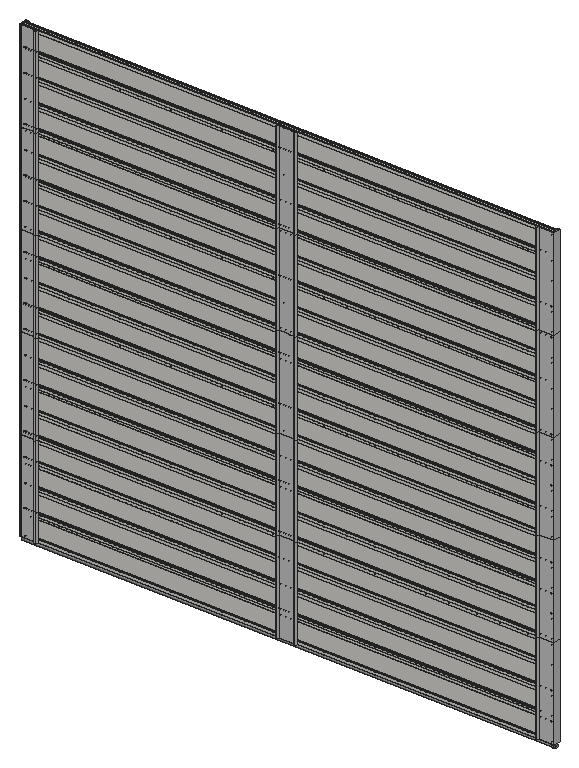
Revit family "GAFS 20H SG", category Doors, host Wall, Revit 2024
Family settings
  Host = Wall
  OmniClass Number = 23.30.10.00
  OmniClass Title = Doors
  Always vertical = Yes
  Cut with Voids When Loaded = No
  Shared = No
  Room Calculation Point = No
Parameters
  Wall Opening [instance] = 4880 mm
  Function = Interior
  Frame Projection Ext. = 25 mm
  Frame Projection Int. = 25 mm
  Frame Width = 75 mm
  Height = 2135 mm
  Wall Closure = By host
  Width = 2440 mm
Reference planes
  plane 1: y = 0
  plane 2 "Center (Left/Right)": x = 0
  plane 3: z = 2135
  plane 4 "Exterior": y = 75
  plane 5 "Interior": y = -75
  plane 6 "Garage Bottom": y = 75
  plane 7 "Garage Top": z = 2170
  plane 8: z = 19.954
  plane 9 "Garage Left": x = 1250
  plane 10 "Garage Right": x = -1250
Forms (mm)
  Extrusion 1, solid, material "STEEL BACK & SIDE PLATES"
    sketch origin (2744.172, 256, 612.954) x (1, 0, 0) y (0, 1, 0)
      loop
        line (-2791.977, -404.804) -> (-2789.506, -414.002) -> (-2782.523, -414.002) -> (-2780.383, -405.996) -> (-2707.961, -405.996) -> (-2705.821, -414.002) -> (-2698.839, -414.002) -> (-2696.367, -404.804) -> (-2697.626, -404.804) -> (-2699.758, -412.802) -> (-2704.9, -412.802) -> (-2707.039, -404.797) -> (-2781.305, -404.797) -> (-2783.444, -412.802) -> (-2788.586, -412.802) -> (-2790.718, -404.804) -> (-2791.977, -404.804)
      loop
        line (-3985.472, -373.2) -> (-3992.972, -373.2) -> (-3992.972, -372) -> (-3991.972, -372)
        arc (-3991.972, -372) -> (-3991.472, -371.5) -> (-3991.972, -371) r 0.5
        line (-3991.972, -371) -> (-3994.172, -371) -> (-3994.172, -406) -> (-3924.955, -406) -> (-3922.812, -414) -> (-3915.811, -414) -> (-3913.363, -404.8) -> (-3914.589, -404.8) -> (-3916.732, -412.8) -> (-3921.891, -412.8) -> (-3924.034, -404.8) -> (-3992.972, -404.8) -> (-3992.972, -374.4) -> (-3980.945, -374.4)
        arc (-3980.945, -374.4) -> (-3980.21, -374.891) -> (-3979.372, -374.607) r 1
        line (-3979.372, -374.607) -> (-3978.819, -374.054)
        arc (-3978.819, -374.054) -> (-3978.71, -373.509) -> (-3979.172, -373.2) r 0.5
        line (-3979.172, -373.2) -> (-3984.272, -373.2) -> (-3984.272, -371) -> (-3986.472, -371)
        arc (-3986.472, -371) -> (-3986.972, -371.5) -> (-3986.472, -372) r 0.5
        line (-3986.472, -372) -> (-3985.472, -372) -> (-3985.472, -373.2)
      loop
        line (-1502.872, -373.2) -> (-1502.872, -372) -> (-1501.872, -372)
        arc (-1501.872, -372) -> (-1501.372, -371.5) -> (-1501.872, -371) r 0.5
        line (-1501.872, -371) -> (-1504.072, -371) -> (-1504.072, -373.2) -> (-1509.172, -373.2)
        arc (-1509.172, -373.2) -> (-1509.634, -373.509) -> (-1509.526, -374.054) r 0.5
        line (-1509.526, -374.054) -> (-1508.972, -374.607)
        arc (-1508.972, -374.607) -> (-1508.135, -374.891) -> (-1507.399, -374.4) r 1
        line (-1507.399, -374.4) -> (-1495.372, -374.4) -> (-1495.372, -404.8) -> (-1564.31, -404.8) -> (-1566.454, -412.8) -> (-1571.612, -412.8) -> (-1573.756, -404.8) -> (-1574.982, -404.8) -> (-1572.533, -414) -> (-1565.533, -414) -> (-1563.389, -406) -> (-1494.172, -406) -> (-1494.172, -371) -> (-1496.372, -371)
        arc (-1496.372, -371) -> (-1496.872, -371.5) -> (-1496.372, -372) r 0.5
        line (-1496.372, -372) -> (-1495.372, -372) -> (-1495.372, -373.2) -> (-1502.872, -373.2)
    from 267.046 to 697.046
  Extrusion 2, solid, material "STEEL BACK & SIDE PLATES"
    sketch origin (2744.172, 256, 182.954) x (1, 0, 0) y (0, 1, 0)
      loop
        line (-2791.977, -404.804) -> (-2789.506, -414.002) -> (-2782.523, -414.002) -> (-2780.383, -405.996) -> (-2707.961, -405.996) -> (-2705.821, -414.002) -> (-2698.839, -414.002) -> (-2696.367, -404.804) -> (-2697.626, -404.804) -> (-2699.758, -412.802) -> (-2704.9, -412.802) -> (-2707.039, -404.797) -> (-2781.305, -404.797) -> (-2783.444, -412.802) -> (-2788.586, -412.802) -> (-2790.718, -404.804) -> (-2791.977, -404.804)
      loop
        line (-3985.472, -373.2) -> (-3992.972, -373.2) -> (-3992.972, -372) -> (-3991.972, -372)
        arc (-3991.972, -372) -> (-3991.472, -371.5) -> (-3991.972, -371) r 0.5
        line (-3991.972, -371) -> (-3994.172, -371) -> (-3994.172, -406) -> (-3924.955, -406) -> (-3922.812, -414) -> (-3915.811, -414) -> (-3913.363, -404.8) -> (-3914.589, -404.8) -> (-3916.732, -412.8) -> (-3921.891, -412.8) -> (-3924.034, -404.8) -> (-3992.972, -404.8) -> (-3992.972, -374.4) -> (-3980.945, -374.4)
        arc (-3980.945, -374.4) -> (-3980.21, -374.891) -> (-3979.372, -374.607) r 1
        line (-3979.372, -374.607) -> (-3978.819, -374.054)
        arc (-3978.819, -374.054) -> (-3978.71, -373.509) -> (-3979.172, -373.2) r 0.5
        line (-3979.172, -373.2) -> (-3984.272, -373.2) -> (-3984.272, -371) -> (-3986.472, -371)
        arc (-3986.472, -371) -> (-3986.972, -371.5) -> (-3986.472, -372) r 0.5
        line (-3986.472, -372) -> (-3985.472, -372) -> (-3985.472, -373.2)
      loop
        line (-1502.872, -373.2) -> (-1502.872, -372) -> (-1501.872, -372)
        arc (-1501.872, -372) -> (-1501.372, -371.5) -> (-1501.872, -371) r 0.5
        line (-1501.872, -371) -> (-1504.072, -371) -> (-1504.072, -373.2) -> (-1509.172, -373.2)
        arc (-1509.172, -373.2) -> (-1509.634, -373.509) -> (-1509.526, -374.054) r 0.5
        line (-1509.526, -374.054) -> (-1508.972, -374.607)
        arc (-1508.972, -374.607) -> (-1508.135, -374.891) -> (-1507.399, -374.4) r 1
        line (-1507.399, -374.4) -> (-1495.372, -374.4) -> (-1495.372, -404.8) -> (-1564.31, -404.8) -> (-1566.454, -412.8) -> (-1571.612, -412.8) -> (-1573.756, -404.8) -> (-1574.982, -404.8) -> (-1572.533, -414) -> (-1565.533, -414) -> (-1563.389, -406) -> (-1494.172, -406) -> (-1494.172, -371) -> (-1496.372, -371)
        arc (-1496.372, -371) -> (-1496.872, -371.5) -> (-1496.372, -372) r 0.5
        line (-1496.372, -372) -> (-1495.372, -372) -> (-1495.372, -373.2) -> (-1502.872, -373.2)
    from 267.046 to 697.046
  Extrusion 3, solid, material "STEEL BACK & SIDE PLATES"
    sketch origin (2744.172, 256, -247.046) x (1, 0, 0) y (0, 1, 0)
      loop
        line (-2791.977, -404.804) -> (-2789.506, -414.002) -> (-2782.523, -414.002) -> (-2780.383, -405.996) -> (-2707.961, -405.996) -> (-2705.821, -414.002) -> (-2698.839, -414.002) -> (-2696.367, -404.804) -> (-2697.626, -404.804) -> (-2699.758, -412.802) -> (-2704.9, -412.802) -> (-2707.039, -404.797) -> (-2781.305, -404.797) -> (-2783.444, -412.802) -> (-2788.586, -412.802) -> (-2790.718, -404.804) -> (-2791.977, -404.804)
      loop
        line (-3985.472, -373.2) -> (-3992.972, -373.2) -> (-3992.972, -372) -> (-3991.972, -372)
        arc (-3991.972, -372) -> (-3991.472, -371.5) -> (-3991.972, -371) r 0.5
        line (-3991.972, -371) -> (-3994.172, -371) -> (-3994.172, -406) -> (-3924.955, -406) -> (-3922.812, -414) -> (-3915.811, -414) -> (-3913.363, -404.8) -> (-3914.589, -404.8) -> (-3916.732, -412.8) -> (-3921.891, -412.8) -> (-3924.034, -404.8) -> (-3992.972, -404.8) -> (-3992.972, -374.4) -> (-3980.945, -374.4)
        arc (-3980.945, -374.4) -> (-3980.21, -374.891) -> (-3979.372, -374.607) r 1
        line (-3979.372, -374.607) -> (-3978.819, -374.054)
        arc (-3978.819, -374.054) -> (-3978.71, -373.509) -> (-3979.172, -373.2) r 0.5
        line (-3979.172, -373.2) -> (-3984.272, -373.2) -> (-3984.272, -371) -> (-3986.472, -371)
        arc (-3986.472, -371) -> (-3986.972, -371.5) -> (-3986.472, -372) r 0.5
        line (-3986.472, -372) -> (-3985.472, -372) -> (-3985.472, -373.2)
      loop
        line (-1502.872, -373.2) -> (-1502.872, -372) -> (-1501.872, -372)
        arc (-1501.872, -372) -> (-1501.372, -371.5) -> (-1501.872, -371) r 0.5
        line (-1501.872, -371) -> (-1504.072, -371) -> (-1504.072, -373.2) -> (-1509.172, -373.2)
        arc (-1509.172, -373.2) -> (-1509.634, -373.509) -> (-1509.526, -374.054) r 0.5
        line (-1509.526, -374.054) -> (-1508.972, -374.607)
        arc (-1508.972, -374.607) -> (-1508.135, -374.891) -> (-1507.399, -374.4) r 1
        line (-1507.399, -374.4) -> (-1495.372, -374.4) -> (-1495.372, -404.8) -> (-1564.31, -404.8) -> (-1566.454, -412.8) -> (-1571.612, -412.8) -> (-1573.756, -404.8) -> (-1574.982, -404.8) -> (-1572.533, -414) -> (-1565.533, -414) -> (-1563.389, -406) -> (-1494.172, -406) -> (-1494.172, -371) -> (-1496.372, -371)
        arc (-1496.372, -371) -> (-1496.872, -371.5) -> (-1496.372, -372) r 0.5
        line (-1496.372, -372) -> (-1495.372, -372) -> (-1495.372, -373.2) -> (-1502.872, -373.2)
    from 267 to 697.046
  Extrusion 4, solid, material "STEEL BACK & SIDE PLATES"
    sketch origin (2744.172, 256, 1042.954) x (1, 0, 0) y (0, 1, 0)
      loop
        line (-2791.977, -404.804) -> (-2789.506, -414.002) -> (-2782.523, -414.002) -> (-2780.383, -405.996) -> (-2707.961, -405.996) -> (-2705.821, -414.002) -> (-2698.839, -414.002) -> (-2696.367, -404.804) -> (-2697.626, -404.804) -> (-2699.758, -412.802) -> (-2704.9, -412.802) -> (-2707.039, -404.797) -> (-2781.305, -404.797) -> (-2783.444, -412.802) -> (-2788.586, -412.802) -> (-2790.718, -404.804) -> (-2791.977, -404.804)
      loop
        line (-3985.472, -373.2) -> (-3992.972, -373.2) -> (-3992.972, -372) -> (-3991.972, -372)
        arc (-3991.972, -372) -> (-3991.472, -371.5) -> (-3991.972, -371) r 0.5
        line (-3991.972, -371) -> (-3994.172, -371) -> (-3994.172, -406) -> (-3924.955, -406) -> (-3922.812, -414) -> (-3915.811, -414) -> (-3913.363, -404.8) -> (-3914.589, -404.8) -> (-3916.732, -412.8) -> (-3921.891, -412.8) -> (-3924.034, -404.8) -> (-3992.972, -404.8) -> (-3992.972, -374.4) -> (-3980.945, -374.4)
        arc (-3980.945, -374.4) -> (-3980.21, -374.891) -> (-3979.372, -374.607) r 1
        line (-3979.372, -374.607) -> (-3978.819, -374.054)
        arc (-3978.819, -374.054) -> (-3978.71, -373.509) -> (-3979.172, -373.2) r 0.5
        line (-3979.172, -373.2) -> (-3984.272, -373.2) -> (-3984.272, -371) -> (-3986.472, -371)
        arc (-3986.472, -371) -> (-3986.972, -371.5) -> (-3986.472, -372) r 0.5
        line (-3986.472, -372) -> (-3985.472, -372) -> (-3985.472, -373.2)
      loop
        line (-1502.872, -373.2) -> (-1502.872, -372) -> (-1501.872, -372)
        arc (-1501.872, -372) -> (-1501.372, -371.5) -> (-1501.872, -371) r 0.5
        line (-1501.872, -371) -> (-1504.072, -371) -> (-1504.072, -373.2) -> (-1509.172, -373.2)
        arc (-1509.172, -373.2) -> (-1509.634, -373.509) -> (-1509.526, -374.054) r 0.5
        line (-1509.526, -374.054) -> (-1508.972, -374.607)
        arc (-1508.972, -374.607) -> (-1508.135, -374.891) -> (-1507.399, -374.4) r 1
        line (-1507.399, -374.4) -> (-1495.372, -374.4) -> (-1495.372, -404.8) -> (-1564.31, -404.8) -> (-1566.454, -412.8) -> (-1571.612, -412.8) -> (-1573.756, -404.8) -> (-1574.982, -404.8) -> (-1572.533, -414) -> (-1565.533, -414) -> (-1563.389, -406) -> (-1494.172, -406) -> (-1494.172, -371) -> (-1496.372, -371)
        arc (-1496.372, -371) -> (-1496.872, -371.5) -> (-1496.372, -372) r 0.5
        line (-1496.372, -372) -> (-1495.372, -372) -> (-1495.372, -373.2) -> (-1502.872, -373.2)
    from 267.046 to 697.046
  Extrusion 5, solid, material "STEEL BACK & SIDE PLATES"
    sketch origin (2744.172, 256, 1472.954) x (1, 0, 0) y (0, 1, 0)
      loop
        line (-2791.977, -404.804) -> (-2789.506, -414.002) -> (-2782.523, -414.002) -> (-2780.383, -405.996) -> (-2707.961, -405.996) -> (-2705.821, -414.002) -> (-2698.839, -414.002) -> (-2696.367, -404.804) -> (-2697.626, -404.804) -> (-2699.758, -412.802) -> (-2704.9, -412.802) -> (-2707.039, -404.797) -> (-2781.305, -404.797) -> (-2783.444, -412.802) -> (-2788.586, -412.802) -> (-2790.718, -404.804) -> (-2791.977, -404.804)
      loop
        line (-3985.472, -373.2) -> (-3992.972, -373.2) -> (-3992.972, -372) -> (-3991.972, -372)
        arc (-3991.972, -372) -> (-3991.472, -371.5) -> (-3991.972, -371) r 0.5
        line (-3991.972, -371) -> (-3994.172, -371) -> (-3994.172, -406) -> (-3924.955, -406) -> (-3922.812, -414) -> (-3915.811, -414) -> (-3913.363, -404.8) -> (-3914.589, -404.8) -> (-3916.732, -412.8) -> (-3921.891, -412.8) -> (-3924.034, -404.8) -> (-3992.972, -404.8) -> (-3992.972, -374.4) -> (-3980.945, -374.4)
        arc (-3980.945, -374.4) -> (-3980.21, -374.891) -> (-3979.372, -374.607) r 1
        line (-3979.372, -374.607) -> (-3978.819, -374.054)
        arc (-3978.819, -374.054) -> (-3978.71, -373.509) -> (-3979.172, -373.2) r 0.5
        line (-3979.172, -373.2) -> (-3984.272, -373.2) -> (-3984.272, -371) -> (-3986.472, -371)
        arc (-3986.472, -371) -> (-3986.972, -371.5) -> (-3986.472, -372) r 0.5
        line (-3986.472, -372) -> (-3985.472, -372) -> (-3985.472, -373.2)
      loop
        line (-1502.872, -373.2) -> (-1502.872, -372) -> (-1501.872, -372)
        arc (-1501.872, -372) -> (-1501.372, -371.5) -> (-1501.872, -371) r 0.5
        line (-1501.872, -371) -> (-1504.072, -371) -> (-1504.072, -373.2) -> (-1509.172, -373.2)
        arc (-1509.172, -373.2) -> (-1509.634, -373.509) -> (-1509.526, -374.054) r 0.5
        line (-1509.526, -374.054) -> (-1508.972, -374.607)
        arc (-1508.972, -374.607) -> (-1508.135, -374.891) -> (-1507.399, -374.4) r 1
        line (-1507.399, -374.4) -> (-1495.372, -374.4) -> (-1495.372, -404.8) -> (-1564.31, -404.8) -> (-1566.454, -412.8) -> (-1571.612, -412.8) -> (-1573.756, -404.8) -> (-1574.982, -404.8) -> (-1572.533, -414) -> (-1565.533, -414) -> (-1563.389, -406) -> (-1494.172, -406) -> (-1494.172, -371) -> (-1496.372, -371)
        arc (-1496.372, -371) -> (-1496.872, -371.5) -> (-1496.372, -372) r 0.5
        line (-1496.372, -372) -> (-1495.372, -372) -> (-1495.372, -373.2) -> (-1502.872, -373.2)
    from 267.046 to 697.046
  Extrusion 6, solid, material "ALUMINIUM (STONE GREY)"
    sketch origin (0, -44, 2189.863) x (0, -1, 0) y (0, 0, -1)
      loop
        line (82.14, 2169.909) -> (74.797, 2169.909) -> (74.797, 2070.864) -> (78.797, 2069.409) -> (78.797, 2062.409) -> (83.136, 2062.409)
        arc (83.136, 2062.409) -> (83.518, 2062.332) -> (83.843, 2062.116) r 1
        line (83.843, 2062.116) -> (86.55, 2059.409) -> (88.077, 2059.409)
        arc (88.077, 2059.409) -> (88.477, 2059.809) -> (88.077, 2060.209) r 0.4
        line (88.077, 2060.209) -> (87.047, 2060.209) -> (87.047, 2061.409) -> (92.547, 2061.409) -> (92.547, 2060.209) -> (91.517, 2060.209)
        arc (91.517, 2060.209) -> (91.117, 2059.809) -> (91.517, 2059.409) r 0.4
        line (91.517, 2059.409) -> (93.044, 2059.409) -> (95.751, 2062.116)
        arc (95.751, 2062.116) -> (96.077, 2062.333) -> (96.461, 2062.409) r 1
        line (96.461, 2062.409) -> (104.797, 2062.409) -> (104.797, 2074.409) -> (101.397, 2074.409)
        arc (101.397, 2074.409) -> (100.697, 2073.709) -> (101.397, 2073.009) r 0.7
        line (101.397, 2073.009) -> (103.397, 2073.009) -> (103.397, 2063.809) -> (95.464, 2063.809) -> (94.464, 2062.809) -> (85.13, 2062.809) -> (84.13, 2063.809) -> (80.197, 2063.809) -> (80.197, 2070.389) -> (76.197, 2071.845) -> (76.197, 2168.509) -> (81.56, 2168.509) -> (87.06, 2163.009) -> (92.534, 2163.009) -> (98.034, 2168.509) -> (103.397, 2168.509) -> (103.397, 2159.309) -> (101.397, 2159.309)
        arc (101.397, 2159.309) -> (100.697, 2158.609) -> (101.397, 2157.909) r 0.7
        line (101.397, 2157.909) -> (104.797, 2157.909) -> (104.797, 2169.909) -> (97.454, 2169.909) -> (91.954, 2164.409) -> (87.64, 2164.409) -> (82.14, 2169.909)
    from -1248.8 to 1248.8
  Extrusion 7, solid, material "Rubber, Natural"
    sketch origin (0, -32.797, 0.046) x (0, 1, 0) y (0, 0, 1)
      loop
        line (-111, 19.909) -> (-111, 16.909) -> (-106, 16.909) -> (-106, 14.004)
        spline (-106, 14.004) -> (-109.192, 11.809) -> (-110.848, 8.808) -> (-110.659, 5.562) -> (-108.66, 2.681) -> (-105.226, 0.703) -> (-101, 0) -> (-96.774, 0.703) -> (-93.34, 2.681) -> (-91.341, 5.562) -> (-91.152, 8.808) -> (-92.808, 11.809) -> (-96, 14.004)
        line (-96, 14.004) -> (-96, 16.909) -> (-91, 16.909) -> (-91, 19.909) -> (-111, 19.909)
      loop
        line (-98, 16.909) -> (-104, 16.909) -> (-104, 14.633)
        arc (-104, 14.633) -> (-101, 15.009) -> (-98, 14.633) r 12.129
        line (-98, 14.633) -> (-98, 16.909)
      loop
        spline (-101, 1.513) -> (-98.929, 1.717) -> (-97, 2.316) -> (-95.343, 3.268) -> (-94.072, 4.509) -> (-93.273, 5.954) -> (-93, 7.505) -> (-93.273, 9.055) -> (-94.072, 10.501) -> (-95.343, 11.742) -> (-97, 12.694) -> (-98.929, 13.292) -> (-101, 13.496)
        spline (-101, 13.496) -> (-103.071, 13.292) -> (-105, 12.694) -> (-106.657, 11.742) -> (-107.928, 10.501) -> (-108.727, 9.055) -> (-109, 7.505) -> (-108.727, 5.954) -> (-107.928, 4.509) -> (-106.657, 3.268) -> (-105, 2.316) -> (-103.071, 1.717) -> (-101, 1.513)
    from -1248.8 to 1248.8
  Extrusion 8, solid, material "ALUMINIUM (STONE GREY)"
    sketch origin (0, -44, 2297.363) x (0, -1, 0) y (0, 0, -1)
      loop
        line (82.14, 2169.909) -> (74.797, 2169.909) -> (74.797, 2070.864) -> (78.797, 2069.409) -> (78.797, 2062.409) -> (83.136, 2062.409)
        arc (83.136, 2062.409) -> (83.518, 2062.332) -> (83.843, 2062.116) r 1
        line (83.843, 2062.116) -> (86.55, 2059.409) -> (88.077, 2059.409)
        arc (88.077, 2059.409) -> (88.477, 2059.809) -> (88.077, 2060.209) r 0.4
        line (88.077, 2060.209) -> (87.047, 2060.209) -> (87.047, 2061.409) -> (92.547, 2061.409) -> (92.547, 2060.209) -> (91.517, 2060.209)
        arc (91.517, 2060.209) -> (91.117, 2059.809) -> (91.517, 2059.409) r 0.4
        line (91.517, 2059.409) -> (93.044, 2059.409) -> (95.751, 2062.116)
        arc (95.751, 2062.116) -> (96.077, 2062.333) -> (96.461, 2062.409) r 1
        line (96.461, 2062.409) -> (104.797, 2062.409) -> (104.797, 2074.409) -> (101.397, 2074.409)
        arc (101.397, 2074.409) -> (100.697, 2073.709) -> (101.397, 2073.009) r 0.7
        line (101.397, 2073.009) -> (103.397, 2073.009) -> (103.397, 2063.809) -> (95.464, 2063.809) -> (94.464, 2062.809) -> (85.13, 2062.809) -> (84.13, 2063.809) -> (80.197, 2063.809) -> (80.197, 2070.389) -> (76.197, 2071.845) -> (76.197, 2168.509) -> (81.56, 2168.509) -> (87.06, 2163.009) -> (92.534, 2163.009) -> (98.034, 2168.509) -> (103.397, 2168.509) -> (103.397, 2159.309) -> (101.397, 2159.309)
        arc (101.397, 2159.309) -> (100.697, 2158.609) -> (101.397, 2157.909) r 0.7
        line (101.397, 2157.909) -> (104.797, 2157.909) -> (104.797, 2169.909) -> (97.454, 2169.909) -> (91.954, 2164.409) -> (87.64, 2164.409) -> (82.14, 2169.909)
    from -1248.8 to 1248.8
  Extrusion 9, solid, material "ALUMINIUM (STONE GREY)"
    sketch origin (0, -44, 2404.863) x (0, -1, 0) y (0, 0, -1)
      loop
        line (82.14, 2169.909) -> (74.797, 2169.909) -> (74.797, 2070.864) -> (78.797, 2069.409) -> (78.797, 2062.409) -> (83.136, 2062.409)
        arc (83.136, 2062.409) -> (83.518, 2062.332) -> (83.843, 2062.116) r 1
        line (83.843, 2062.116) -> (86.55, 2059.409) -> (88.077, 2059.409)
        arc (88.077, 2059.409) -> (88.477, 2059.809) -> (88.077, 2060.209) r 0.4
        line (88.077, 2060.209) -> (87.047, 2060.209) -> (87.047, 2061.409) -> (92.547, 2061.409) -> (92.547, 2060.209) -> (91.517, 2060.209)
        arc (91.517, 2060.209) -> (91.117, 2059.809) -> (91.517, 2059.409) r 0.4
        line (91.517, 2059.409) -> (93.044, 2059.409) -> (95.751, 2062.116)
        arc (95.751, 2062.116) -> (96.077, 2062.333) -> (96.461, 2062.409) r 1
        line (96.461, 2062.409) -> (104.797, 2062.409) -> (104.797, 2074.409) -> (101.397, 2074.409)
        arc (101.397, 2074.409) -> (100.697, 2073.709) -> (101.397, 2073.009) r 0.7
        line (101.397, 2073.009) -> (103.397, 2073.009) -> (103.397, 2063.809) -> (95.464, 2063.809) -> (94.464, 2062.809) -> (85.13, 2062.809) -> (84.13, 2063.809) -> (80.197, 2063.809) -> (80.197, 2070.389) -> (76.197, 2071.845) -> (76.197, 2168.509) -> (81.56, 2168.509) -> (87.06, 2163.009) -> (92.534, 2163.009) -> (98.034, 2168.509) -> (103.397, 2168.509) -> (103.397, 2159.309) -> (101.397, 2159.309)
        arc (101.397, 2159.309) -> (100.697, 2158.609) -> (101.397, 2157.909) r 0.7
        line (101.397, 2157.909) -> (104.797, 2157.909) -> (104.797, 2169.909) -> (97.454, 2169.909) -> (91.954, 2164.409) -> (87.64, 2164.409) -> (82.14, 2169.909)
    from -1248.8 to 1248.8
  Extrusion 10, solid, material "ALUMINIUM (STONE GREY)"
    sketch origin (0, -44, 2512.363) x (0, -1, 0) y (0, 0, -1)
      loop
        line (82.14, 2169.909) -> (74.797, 2169.909) -> (74.797, 2070.864) -> (78.797, 2069.409) -> (78.797, 2062.409) -> (83.136, 2062.409)
        arc (83.136, 2062.409) -> (83.518, 2062.332) -> (83.843, 2062.116) r 1
        line (83.843, 2062.116) -> (86.55, 2059.409) -> (88.077, 2059.409)
        arc (88.077, 2059.409) -> (88.477, 2059.809) -> (88.077, 2060.209) r 0.4
        line (88.077, 2060.209) -> (87.047, 2060.209) -> (87.047, 2061.409) -> (92.547, 2061.409) -> (92.547, 2060.209) -> (91.517, 2060.209)
        arc (91.517, 2060.209) -> (91.117, 2059.809) -> (91.517, 2059.409) r 0.4
        line (91.517, 2059.409) -> (93.044, 2059.409) -> (95.751, 2062.116)
        arc (95.751, 2062.116) -> (96.077, 2062.333) -> (96.461, 2062.409) r 1
        line (96.461, 2062.409) -> (104.797, 2062.409) -> (104.797, 2074.409) -> (101.397, 2074.409)
        arc (101.397, 2074.409) -> (100.697, 2073.709) -> (101.397, 2073.009) r 0.7
        line (101.397, 2073.009) -> (103.397, 2073.009) -> (103.397, 2063.809) -> (95.464, 2063.809) -> (94.464, 2062.809) -> (85.13, 2062.809) -> (84.13, 2063.809) -> (80.197, 2063.809) -> (80.197, 2070.389) -> (76.197, 2071.845) -> (76.197, 2168.509) -> (81.56, 2168.509) -> (87.06, 2163.009) -> (92.534, 2163.009) -> (98.034, 2168.509) -> (103.397, 2168.509) -> (103.397, 2159.309) -> (101.397, 2159.309)
        arc (101.397, 2159.309) -> (100.697, 2158.609) -> (101.397, 2157.909) r 0.7
        line (101.397, 2157.909) -> (104.797, 2157.909) -> (104.797, 2169.909) -> (97.454, 2169.909) -> (91.954, 2164.409) -> (87.64, 2164.409) -> (82.14, 2169.909)
    from -1248.8 to 1248.8
  Extrusion 11, solid, material "ALUMINIUM (STONE GREY)"
    sketch origin (0, -44, 2619.909) x (0, -1, 0) y (0, 0, -1)
      loop
        line (82.14, 2169.909) -> (74.797, 2169.909) -> (74.797, 2070.864) -> (78.797, 2069.409) -> (78.797, 2062.409) -> (83.136, 2062.409)
        arc (83.136, 2062.409) -> (83.518, 2062.332) -> (83.843, 2062.116) r 1
        line (83.843, 2062.116) -> (86.55, 2059.409) -> (88.077, 2059.409)
        arc (88.077, 2059.409) -> (88.477, 2059.809) -> (88.077, 2060.209) r 0.4
        line (88.077, 2060.209) -> (87.047, 2060.209) -> (87.047, 2061.409) -> (92.547, 2061.409) -> (92.547, 2060.209) -> (91.517, 2060.209)
        arc (91.517, 2060.209) -> (91.117, 2059.809) -> (91.517, 2059.409) r 0.4
        line (91.517, 2059.409) -> (93.044, 2059.409) -> (95.751, 2062.116)
        arc (95.751, 2062.116) -> (96.077, 2062.333) -> (96.461, 2062.409) r 1
        line (96.461, 2062.409) -> (104.797, 2062.409) -> (104.797, 2074.409) -> (101.397, 2074.409)
        arc (101.397, 2074.409) -> (100.697, 2073.709) -> (101.397, 2073.009) r 0.7
        line (101.397, 2073.009) -> (103.397, 2073.009) -> (103.397, 2063.809) -> (95.464, 2063.809) -> (94.464, 2062.809) -> (85.13, 2062.809) -> (84.13, 2063.809) -> (80.197, 2063.809) -> (80.197, 2070.389) -> (76.197, 2071.845) -> (76.197, 2168.509) -> (81.56, 2168.509) -> (87.06, 2163.009) -> (92.534, 2163.009) -> (98.034, 2168.509) -> (103.397, 2168.509) -> (103.397, 2159.309) -> (101.397, 2159.309)
        arc (101.397, 2159.309) -> (100.697, 2158.609) -> (101.397, 2157.909) r 0.7
        line (101.397, 2157.909) -> (104.797, 2157.909) -> (104.797, 2169.909) -> (97.454, 2169.909) -> (91.954, 2164.409) -> (87.64, 2164.409) -> (82.14, 2169.909)
    from -1248.8 to 1248.8
  Extrusion 12, solid, material "ALUMINIUM (STONE GREY)"
    sketch origin (0, -44, 2727.409) x (0, -1, 0) y (0, 0, -1)
      loop
        line (82.14, 2169.909) -> (74.797, 2169.909) -> (74.797, 2070.864) -> (78.797, 2069.409) -> (78.797, 2062.409) -> (83.136, 2062.409)
        arc (83.136, 2062.409) -> (83.518, 2062.332) -> (83.843, 2062.116) r 1
        line (83.843, 2062.116) -> (86.55, 2059.409) -> (88.077, 2059.409)
        arc (88.077, 2059.409) -> (88.477, 2059.809) -> (88.077, 2060.209) r 0.4
        line (88.077, 2060.209) -> (87.047, 2060.209) -> (87.047, 2061.409) -> (92.547, 2061.409) -> (92.547, 2060.209) -> (91.517, 2060.209)
        arc (91.517, 2060.209) -> (91.117, 2059.809) -> (91.517, 2059.409) r 0.4
        line (91.517, 2059.409) -> (93.044, 2059.409) -> (95.751, 2062.116)
        arc (95.751, 2062.116) -> (96.077, 2062.333) -> (96.461, 2062.409) r 1
        line (96.461, 2062.409) -> (104.797, 2062.409) -> (104.797, 2074.409) -> (101.397, 2074.409)
        arc (101.397, 2074.409) -> (100.697, 2073.709) -> (101.397, 2073.009) r 0.7
        line (101.397, 2073.009) -> (103.397, 2073.009) -> (103.397, 2063.809) -> (95.464, 2063.809) -> (94.464, 2062.809) -> (85.13, 2062.809) -> (84.13, 2063.809) -> (80.197, 2063.809) -> (80.197, 2070.389) -> (76.197, 2071.845) -> (76.197, 2168.509) -> (81.56, 2168.509) -> (87.06, 2163.009) -> (92.534, 2163.009) -> (98.034, 2168.509) -> (103.397, 2168.509) -> (103.397, 2159.309) -> (101.397, 2159.309)
        arc (101.397, 2159.309) -> (100.697, 2158.609) -> (101.397, 2157.909) r 0.7
        line (101.397, 2157.909) -> (104.797, 2157.909) -> (104.797, 2169.909) -> (97.454, 2169.909) -> (91.954, 2164.409) -> (87.64, 2164.409) -> (82.14, 2169.909)
    from -1248.8 to 1248.8
  Extrusion 13, solid, material "ALUMINIUM (STONE GREY)"
    sketch origin (0, -44, 2834.909) x (0, -1, 0) y (0, 0, -1)
      loop
        line (82.14, 2169.909) -> (74.797, 2169.909) -> (74.797, 2070.864) -> (78.797, 2069.409) -> (78.797, 2062.409) -> (83.136, 2062.409)
        arc (83.136, 2062.409) -> (83.518, 2062.332) -> (83.843, 2062.116) r 1
        line (83.843, 2062.116) -> (86.55, 2059.409) -> (88.077, 2059.409)
        arc (88.077, 2059.409) -> (88.477, 2059.809) -> (88.077, 2060.209) r 0.4
        line (88.077, 2060.209) -> (87.047, 2060.209) -> (87.047, 2061.409) -> (92.547, 2061.409) -> (92.547, 2060.209) -> (91.517, 2060.209)
        arc (91.517, 2060.209) -> (91.117, 2059.809) -> (91.517, 2059.409) r 0.4
        line (91.517, 2059.409) -> (93.044, 2059.409) -> (95.751, 2062.116)
        arc (95.751, 2062.116) -> (96.077, 2062.333) -> (96.461, 2062.409) r 1
        line (96.461, 2062.409) -> (104.797, 2062.409) -> (104.797, 2074.409) -> (101.397, 2074.409)
        arc (101.397, 2074.409) -> (100.697, 2073.709) -> (101.397, 2073.009) r 0.7
        line (101.397, 2073.009) -> (103.397, 2073.009) -> (103.397, 2063.809) -> (95.464, 2063.809) -> (94.464, 2062.809) -> (85.13, 2062.809) -> (84.13, 2063.809) -> (80.197, 2063.809) -> (80.197, 2070.389) -> (76.197, 2071.845) -> (76.197, 2168.509) -> (81.56, 2168.509) -> (87.06, 2163.009) -> (92.534, 2163.009) -> (98.034, 2168.509) -> (103.397, 2168.509) -> (103.397, 2159.309) -> (101.397, 2159.309)
        arc (101.397, 2159.309) -> (100.697, 2158.609) -> (101.397, 2157.909) r 0.7
        line (101.397, 2157.909) -> (104.797, 2157.909) -> (104.797, 2169.909) -> (97.454, 2169.909) -> (91.954, 2164.409) -> (87.64, 2164.409) -> (82.14, 2169.909)
    from -1248.8 to 1248.8
  Extrusion 14, solid, material "ALUMINIUM (STONE GREY)"
    sketch origin (0, -44, 2942.409) x (0, -1, 0) y (0, 0, -1)
      loop
        line (82.14, 2169.909) -> (74.797, 2169.909) -> (74.797, 2070.864) -> (78.797, 2069.409) -> (78.797, 2062.409) -> (83.136, 2062.409)
        arc (83.136, 2062.409) -> (83.518, 2062.332) -> (83.843, 2062.116) r 1
        line (83.843, 2062.116) -> (86.55, 2059.409) -> (88.077, 2059.409)
        arc (88.077, 2059.409) -> (88.477, 2059.809) -> (88.077, 2060.209) r 0.4
        line (88.077, 2060.209) -> (87.047, 2060.209) -> (87.047, 2061.409) -> (92.547, 2061.409) -> (92.547, 2060.209) -> (91.517, 2060.209)
        arc (91.517, 2060.209) -> (91.117, 2059.809) -> (91.517, 2059.409) r 0.4
        line (91.517, 2059.409) -> (93.044, 2059.409) -> (95.751, 2062.116)
        arc (95.751, 2062.116) -> (96.077, 2062.333) -> (96.461, 2062.409) r 1
        line (96.461, 2062.409) -> (104.797, 2062.409) -> (104.797, 2074.409) -> (101.397, 2074.409)
        arc (101.397, 2074.409) -> (100.697, 2073.709) -> (101.397, 2073.009) r 0.7
        line (101.397, 2073.009) -> (103.397, 2073.009) -> (103.397, 2063.809) -> (95.464, 2063.809) -> (94.464, 2062.809) -> (85.13, 2062.809) -> (84.13, 2063.809) -> (80.197, 2063.809) -> (80.197, 2070.389) -> (76.197, 2071.845) -> (76.197, 2168.509) -> (81.56, 2168.509) -> (87.06, 2163.009) -> (92.534, 2163.009) -> (98.034, 2168.509) -> (103.397, 2168.509) -> (103.397, 2159.309) -> (101.397, 2159.309)
        arc (101.397, 2159.309) -> (100.697, 2158.609) -> (101.397, 2157.909) r 0.7
        line (101.397, 2157.909) -> (104.797, 2157.909) -> (104.797, 2169.909) -> (97.454, 2169.909) -> (91.954, 2164.409) -> (87.64, 2164.409) -> (82.14, 2169.909)
    from -1248.8 to 1248.8
  Extrusion 15, solid, material "ALUMINIUM (STONE GREY)"
    sketch origin (0, -44, 3049.909) x (0, -1, 0) y (0, 0, -1)
      loop
        line (82.14, 2169.909) -> (74.797, 2169.909) -> (74.797, 2070.864) -> (78.797, 2069.409) -> (78.797, 2062.409) -> (83.136, 2062.409)
        arc (83.136, 2062.409) -> (83.518, 2062.332) -> (83.843, 2062.116) r 1
        line (83.843, 2062.116) -> (86.55, 2059.409) -> (88.077, 2059.409)
        arc (88.077, 2059.409) -> (88.477, 2059.809) -> (88.077, 2060.209) r 0.4
        line (88.077, 2060.209) -> (87.047, 2060.209) -> (87.047, 2061.409) -> (92.547, 2061.409) -> (92.547, 2060.209) -> (91.517, 2060.209)
        arc (91.517, 2060.209) -> (91.117, 2059.809) -> (91.517, 2059.409) r 0.4
        line (91.517, 2059.409) -> (93.044, 2059.409) -> (95.751, 2062.116)
        arc (95.751, 2062.116) -> (96.077, 2062.333) -> (96.461, 2062.409) r 1
        line (96.461, 2062.409) -> (104.797, 2062.409) -> (104.797, 2074.409) -> (101.397, 2074.409)
        arc (101.397, 2074.409) -> (100.697, 2073.709) -> (101.397, 2073.009) r 0.7
        line (101.397, 2073.009) -> (103.397, 2073.009) -> (103.397, 2063.809) -> (95.464, 2063.809) -> (94.464, 2062.809) -> (85.13, 2062.809) -> (84.13, 2063.809) -> (80.197, 2063.809) -> (80.197, 2070.389) -> (76.197, 2071.845) -> (76.197, 2168.509) -> (81.56, 2168.509) -> (87.06, 2163.009) -> (92.534, 2163.009) -> (98.034, 2168.509) -> (103.397, 2168.509) -> (103.397, 2159.309) -> (101.397, 2159.309)
        arc (101.397, 2159.309) -> (100.697, 2158.609) -> (101.397, 2157.909) r 0.7
        line (101.397, 2157.909) -> (104.797, 2157.909) -> (104.797, 2169.909) -> (97.454, 2169.909) -> (91.954, 2164.409) -> (87.64, 2164.409) -> (82.14, 2169.909)
    from -1248.8 to 1248.8
  Extrusion 16, solid, material "ALUMINIUM (STONE GREY)"
    sketch origin (0, -44, 3157.409) x (0, -1, 0) y (0, 0, -1)
      loop
        line (82.14, 2169.909) -> (74.797, 2169.909) -> (74.797, 2070.864) -> (78.797, 2069.409) -> (78.797, 2062.409) -> (83.136, 2062.409)
        arc (83.136, 2062.409) -> (83.518, 2062.332) -> (83.843, 2062.116) r 1
        line (83.843, 2062.116) -> (86.55, 2059.409) -> (88.077, 2059.409)
        arc (88.077, 2059.409) -> (88.477, 2059.809) -> (88.077, 2060.209) r 0.4
        line (88.077, 2060.209) -> (87.047, 2060.209) -> (87.047, 2061.409) -> (92.547, 2061.409) -> (92.547, 2060.209) -> (91.517, 2060.209)
        arc (91.517, 2060.209) -> (91.117, 2059.809) -> (91.517, 2059.409) r 0.4
        line (91.517, 2059.409) -> (93.044, 2059.409) -> (95.751, 2062.116)
        arc (95.751, 2062.116) -> (96.077, 2062.333) -> (96.461, 2062.409) r 1
        line (96.461, 2062.409) -> (104.797, 2062.409) -> (104.797, 2074.409) -> (101.397, 2074.409)
        arc (101.397, 2074.409) -> (100.697, 2073.709) -> (101.397, 2073.009) r 0.7
        line (101.397, 2073.009) -> (103.397, 2073.009) -> (103.397, 2063.809) -> (95.464, 2063.809) -> (94.464, 2062.809) -> (85.13, 2062.809) -> (84.13, 2063.809) -> (80.197, 2063.809) -> (80.197, 2070.389) -> (76.197, 2071.845) -> (76.197, 2168.509) -> (81.56, 2168.509) -> (87.06, 2163.009) -> (92.534, 2163.009) -> (98.034, 2168.509) -> (103.397, 2168.509) -> (103.397, 2159.309) -> (101.397, 2159.309)
        arc (101.397, 2159.309) -> (100.697, 2158.609) -> (101.397, 2157.909) r 0.7
        line (101.397, 2157.909) -> (104.797, 2157.909) -> (104.797, 2169.909) -> (97.454, 2169.909) -> (91.954, 2164.409) -> (87.64, 2164.409) -> (82.14, 2169.909)
    from -1248.8 to 1248.8
  Extrusion 17, solid, material "ALUMINIUM (STONE GREY)"
    sketch origin (0, -44, 3264.909) x (0, -1, 0) y (0, 0, -1)
      loop
        line (82.14, 2169.909) -> (74.797, 2169.909) -> (74.797, 2070.864) -> (78.797, 2069.409) -> (78.797, 2062.409) -> (83.136, 2062.409)
        arc (83.136, 2062.409) -> (83.518, 2062.332) -> (83.843, 2062.116) r 1
        line (83.843, 2062.116) -> (86.55, 2059.409) -> (88.077, 2059.409)
        arc (88.077, 2059.409) -> (88.477, 2059.809) -> (88.077, 2060.209) r 0.4
        line (88.077, 2060.209) -> (87.047, 2060.209) -> (87.047, 2061.409) -> (92.547, 2061.409) -> (92.547, 2060.209) -> (91.517, 2060.209)
        arc (91.517, 2060.209) -> (91.117, 2059.809) -> (91.517, 2059.409) r 0.4
        line (91.517, 2059.409) -> (93.044, 2059.409) -> (95.751, 2062.116)
        arc (95.751, 2062.116) -> (96.077, 2062.333) -> (96.461, 2062.409) r 1
        line (96.461, 2062.409) -> (104.797, 2062.409) -> (104.797, 2074.409) -> (101.397, 2074.409)
        arc (101.397, 2074.409) -> (100.697, 2073.709) -> (101.397, 2073.009) r 0.7
        line (101.397, 2073.009) -> (103.397, 2073.009) -> (103.397, 2063.809) -> (95.464, 2063.809) -> (94.464, 2062.809) -> (85.13, 2062.809) -> (84.13, 2063.809) -> (80.197, 2063.809) -> (80.197, 2070.389) -> (76.197, 2071.845) -> (76.197, 2168.509) -> (81.56, 2168.509) -> (87.06, 2163.009) -> (92.534, 2163.009) -> (98.034, 2168.509) -> (103.397, 2168.509) -> (103.397, 2159.309) -> (101.397, 2159.309)
        arc (101.397, 2159.309) -> (100.697, 2158.609) -> (101.397, 2157.909) r 0.7
        line (101.397, 2157.909) -> (104.797, 2157.909) -> (104.797, 2169.909) -> (97.454, 2169.909) -> (91.954, 2164.409) -> (87.64, 2164.409) -> (82.14, 2169.909)
    from -1248.8 to 1248.8
  Extrusion 18, solid, material "ALUMINIUM (STONE GREY)"
    sketch origin (0, -44, 3372.409) x (0, -1, 0) y (0, 0, -1)
      loop
        line (82.14, 2169.909) -> (74.797, 2169.909) -> (74.797, 2070.864) -> (78.797, 2069.409) -> (78.797, 2062.409) -> (83.136, 2062.409)
        arc (83.136, 2062.409) -> (83.518, 2062.332) -> (83.843, 2062.116) r 1
        line (83.843, 2062.116) -> (86.55, 2059.409) -> (88.077, 2059.409)
        arc (88.077, 2059.409) -> (88.477, 2059.809) -> (88.077, 2060.209) r 0.4
        line (88.077, 2060.209) -> (87.047, 2060.209) -> (87.047, 2061.409) -> (92.547, 2061.409) -> (92.547, 2060.209) -> (91.517, 2060.209)
        arc (91.517, 2060.209) -> (91.117, 2059.809) -> (91.517, 2059.409) r 0.4
        line (91.517, 2059.409) -> (93.044, 2059.409) -> (95.751, 2062.116)
        arc (95.751, 2062.116) -> (96.077, 2062.333) -> (96.461, 2062.409) r 1
        line (96.461, 2062.409) -> (104.797, 2062.409) -> (104.797, 2074.409) -> (101.397, 2074.409)
        arc (101.397, 2074.409) -> (100.697, 2073.709) -> (101.397, 2073.009) r 0.7
        line (101.397, 2073.009) -> (103.397, 2073.009) -> (103.397, 2063.809) -> (95.464, 2063.809) -> (94.464, 2062.809) -> (85.13, 2062.809) -> (84.13, 2063.809) -> (80.197, 2063.809) -> (80.197, 2070.389) -> (76.197, 2071.845) -> (76.197, 2168.509) -> (81.56, 2168.509) -> (87.06, 2163.009) -> (92.534, 2163.009) -> (98.034, 2168.509) -> (103.397, 2168.509) -> (103.397, 2159.309) -> (101.397, 2159.309)
        arc (101.397, 2159.309) -> (100.697, 2158.609) -> (101.397, 2157.909) r 0.7
        line (101.397, 2157.909) -> (104.797, 2157.909) -> (104.797, 2169.909) -> (97.454, 2169.909) -> (91.954, 2164.409) -> (87.64, 2164.409) -> (82.14, 2169.909)
    from -1248.8 to 1248.8
  Extrusion 19, solid, material "ALUMINIUM (STONE GREY)"
    sketch origin (0, -44, 3479.909) x (0, -1, 0) y (0, 0, -1)
      loop
        line (82.14, 2169.909) -> (74.797, 2169.909) -> (74.797, 2070.864) -> (78.797, 2069.409) -> (78.797, 2062.409) -> (83.136, 2062.409)
        arc (83.136, 2062.409) -> (83.518, 2062.332) -> (83.843, 2062.116) r 1
        line (83.843, 2062.116) -> (86.55, 2059.409) -> (88.077, 2059.409)
        arc (88.077, 2059.409) -> (88.477, 2059.809) -> (88.077, 2060.209) r 0.4
        line (88.077, 2060.209) -> (87.047, 2060.209) -> (87.047, 2061.409) -> (92.547, 2061.409) -> (92.547, 2060.209) -> (91.517, 2060.209)
        arc (91.517, 2060.209) -> (91.117, 2059.809) -> (91.517, 2059.409) r 0.4
        line (91.517, 2059.409) -> (93.044, 2059.409) -> (95.751, 2062.116)
        arc (95.751, 2062.116) -> (96.077, 2062.333) -> (96.461, 2062.409) r 1
        line (96.461, 2062.409) -> (104.797, 2062.409) -> (104.797, 2074.409) -> (101.397, 2074.409)
        arc (101.397, 2074.409) -> (100.697, 2073.709) -> (101.397, 2073.009) r 0.7
        line (101.397, 2073.009) -> (103.397, 2073.009) -> (103.397, 2063.809) -> (95.464, 2063.809) -> (94.464, 2062.809) -> (85.13, 2062.809) -> (84.13, 2063.809) -> (80.197, 2063.809) -> (80.197, 2070.389) -> (76.197, 2071.845) -> (76.197, 2168.509) -> (81.56, 2168.509) -> (87.06, 2163.009) -> (92.534, 2163.009) -> (98.034, 2168.509) -> (103.397, 2168.509) -> (103.397, 2159.309) -> (101.397, 2159.309)
        arc (101.397, 2159.309) -> (100.697, 2158.609) -> (101.397, 2157.909) r 0.7
        line (101.397, 2157.909) -> (104.797, 2157.909) -> (104.797, 2169.909) -> (97.454, 2169.909) -> (91.954, 2164.409) -> (87.64, 2164.409) -> (82.14, 2169.909)
    from -1248.8 to 1248.8
  Extrusion 20, solid, material "ALUMINIUM (STONE GREY)"
    sketch origin (0, -44, 3587.409) x (0, -1, 0) y (0, 0, -1)
      loop
        line (82.14, 2169.909) -> (74.797, 2169.909) -> (74.797, 2070.864) -> (78.797, 2069.409) -> (78.797, 2062.409) -> (83.136, 2062.409)
        arc (83.136, 2062.409) -> (83.518, 2062.332) -> (83.843, 2062.116) r 1
        line (83.843, 2062.116) -> (86.55, 2059.409) -> (88.077, 2059.409)
        arc (88.077, 2059.409) -> (88.477, 2059.809) -> (88.077, 2060.209) r 0.4
        line (88.077, 2060.209) -> (87.047, 2060.209) -> (87.047, 2061.409) -> (92.547, 2061.409) -> (92.547, 2060.209) -> (91.517, 2060.209)
        arc (91.517, 2060.209) -> (91.117, 2059.809) -> (91.517, 2059.409) r 0.4
        line (91.517, 2059.409) -> (93.044, 2059.409) -> (95.751, 2062.116)
        arc (95.751, 2062.116) -> (96.077, 2062.333) -> (96.461, 2062.409) r 1
        line (96.461, 2062.409) -> (104.797, 2062.409) -> (104.797, 2074.409) -> (101.397, 2074.409)
        arc (101.397, 2074.409) -> (100.697, 2073.709) -> (101.397, 2073.009) r 0.7
        line (101.397, 2073.009) -> (103.397, 2073.009) -> (103.397, 2063.809) -> (95.464, 2063.809) -> (94.464, 2062.809) -> (85.13, 2062.809) -> (84.13, 2063.809) -> (80.197, 2063.809) -> (80.197, 2070.389) -> (76.197, 2071.845) -> (76.197, 2168.509) -> (81.56, 2168.509) -> (87.06, 2163.009) -> (92.534, 2163.009) -> (98.034, 2168.509) -> (103.397, 2168.509) -> (103.397, 2159.309) -> (101.397, 2159.309)
        arc (101.397, 2159.309) -> (100.697, 2158.609) -> (101.397, 2157.909) r 0.7
        line (101.397, 2157.909) -> (104.797, 2157.909) -> (104.797, 2169.909) -> (97.454, 2169.909) -> (91.954, 2164.409) -> (87.64, 2164.409) -> (82.14, 2169.909)
    from -1248.8 to 1248.8
  Extrusion 21, solid, material "ALUMINIUM (STONE GREY)"
    sketch origin (0, -44, 3694.909) x (0, -1, 0) y (0, 0, -1)
      loop
        line (82.14, 2169.909) -> (74.797, 2169.909) -> (74.797, 2070.864) -> (78.797, 2069.409) -> (78.797, 2062.409) -> (83.136, 2062.409)
        arc (83.136, 2062.409) -> (83.518, 2062.332) -> (83.843, 2062.116) r 1
        line (83.843, 2062.116) -> (86.55, 2059.409) -> (88.077, 2059.409)
        arc (88.077, 2059.409) -> (88.477, 2059.809) -> (88.077, 2060.209) r 0.4
        line (88.077, 2060.209) -> (87.047, 2060.209) -> (87.047, 2061.409) -> (92.547, 2061.409) -> (92.547, 2060.209) -> (91.517, 2060.209)
        arc (91.517, 2060.209) -> (91.117, 2059.809) -> (91.517, 2059.409) r 0.4
        line (91.517, 2059.409) -> (93.044, 2059.409) -> (95.751, 2062.116)
        arc (95.751, 2062.116) -> (96.077, 2062.333) -> (96.461, 2062.409) r 1
        line (96.461, 2062.409) -> (104.797, 2062.409) -> (104.797, 2074.409) -> (101.397, 2074.409)
        arc (101.397, 2074.409) -> (100.697, 2073.709) -> (101.397, 2073.009) r 0.7
        line (101.397, 2073.009) -> (103.397, 2073.009) -> (103.397, 2063.809) -> (95.464, 2063.809) -> (94.464, 2062.809) -> (85.13, 2062.809) -> (84.13, 2063.809) -> (80.197, 2063.809) -> (80.197, 2070.389) -> (76.197, 2071.845) -> (76.197, 2168.509) -> (81.56, 2168.509) -> (87.06, 2163.009) -> (92.534, 2163.009) -> (98.034, 2168.509) -> (103.397, 2168.509) -> (103.397, 2159.309) -> (101.397, 2159.309)
        arc (101.397, 2159.309) -> (100.697, 2158.609) -> (101.397, 2157.909) r 0.7
        line (101.397, 2157.909) -> (104.797, 2157.909) -> (104.797, 2169.909) -> (97.454, 2169.909) -> (91.954, 2164.409) -> (87.64, 2164.409) -> (82.14, 2169.909)
    from -1248.8 to 1248.8
  Extrusion 22, solid, material "ALUMINIUM (STONE GREY)"
    sketch origin (0, -44, 3802.409) x (0, -1, 0) y (0, 0, -1)
      loop
        line (82.14, 2169.909) -> (74.797, 2169.909) -> (74.797, 2070.864) -> (78.797, 2069.409) -> (78.797, 2062.409) -> (83.136, 2062.409)
        arc (83.136, 2062.409) -> (83.518, 2062.332) -> (83.843, 2062.116) r 1
        line (83.843, 2062.116) -> (86.55, 2059.409) -> (88.077, 2059.409)
        arc (88.077, 2059.409) -> (88.477, 2059.809) -> (88.077, 2060.209) r 0.4
        line (88.077, 2060.209) -> (87.047, 2060.209) -> (87.047, 2061.409) -> (92.547, 2061.409) -> (92.547, 2060.209) -> (91.517, 2060.209)
        arc (91.517, 2060.209) -> (91.117, 2059.809) -> (91.517, 2059.409) r 0.4
        line (91.517, 2059.409) -> (93.044, 2059.409) -> (95.751, 2062.116)
        arc (95.751, 2062.116) -> (96.077, 2062.333) -> (96.461, 2062.409) r 1
        line (96.461, 2062.409) -> (104.797, 2062.409) -> (104.797, 2074.409) -> (101.397, 2074.409)
        arc (101.397, 2074.409) -> (100.697, 2073.709) -> (101.397, 2073.009) r 0.7
        line (101.397, 2073.009) -> (103.397, 2073.009) -> (103.397, 2063.809) -> (95.464, 2063.809) -> (94.464, 2062.809) -> (85.13, 2062.809) -> (84.13, 2063.809) -> (80.197, 2063.809) -> (80.197, 2070.389) -> (76.197, 2071.845) -> (76.197, 2168.509) -> (81.56, 2168.509) -> (87.06, 2163.009) -> (92.534, 2163.009) -> (98.034, 2168.509) -> (103.397, 2168.509) -> (103.397, 2159.309) -> (101.397, 2159.309)
        arc (101.397, 2159.309) -> (100.697, 2158.609) -> (101.397, 2157.909) r 0.7
        line (101.397, 2157.909) -> (104.797, 2157.909) -> (104.797, 2169.909) -> (97.454, 2169.909) -> (91.954, 2164.409) -> (87.64, 2164.409) -> (82.14, 2169.909)
    from -1248.8 to 1248.8
  Extrusion 23, solid, material "ALUMINIUM (STONE GREY)"
    sketch origin (0, -44, 3909.909) x (0, -1, 0) y (0, 0, -1)
      loop
        line (82.14, 2169.909) -> (74.797, 2169.909) -> (74.797, 2070.864) -> (78.797, 2069.409) -> (78.797, 2062.409) -> (83.136, 2062.409)
        arc (83.136, 2062.409) -> (83.518, 2062.332) -> (83.843, 2062.116) r 1
        line (83.843, 2062.116) -> (86.55, 2059.409) -> (88.077, 2059.409)
        arc (88.077, 2059.409) -> (88.477, 2059.809) -> (88.077, 2060.209) r 0.4
        line (88.077, 2060.209) -> (87.047, 2060.209) -> (87.047, 2061.409) -> (92.547, 2061.409) -> (92.547, 2060.209) -> (91.517, 2060.209)
        arc (91.517, 2060.209) -> (91.117, 2059.809) -> (91.517, 2059.409) r 0.4
        line (91.517, 2059.409) -> (93.044, 2059.409) -> (95.751, 2062.116)
        arc (95.751, 2062.116) -> (96.077, 2062.333) -> (96.461, 2062.409) r 1
        line (96.461, 2062.409) -> (104.797, 2062.409) -> (104.797, 2074.409) -> (101.397, 2074.409)
        arc (101.397, 2074.409) -> (100.697, 2073.709) -> (101.397, 2073.009) r 0.7
        line (101.397, 2073.009) -> (103.397, 2073.009) -> (103.397, 2063.809) -> (95.464, 2063.809) -> (94.464, 2062.809) -> (85.13, 2062.809) -> (84.13, 2063.809) -> (80.197, 2063.809) -> (80.197, 2070.389) -> (76.197, 2071.845) -> (76.197, 2168.509) -> (81.56, 2168.509) -> (87.06, 2163.009) -> (92.534, 2163.009) -> (98.034, 2168.509) -> (103.397, 2168.509) -> (103.397, 2159.309) -> (101.397, 2159.309)
        arc (101.397, 2159.309) -> (100.697, 2158.609) -> (101.397, 2157.909) r 0.7
        line (101.397, 2157.909) -> (104.797, 2157.909) -> (104.797, 2169.909) -> (97.454, 2169.909) -> (91.954, 2164.409) -> (87.64, 2164.409) -> (82.14, 2169.909)
    from -1248.8 to 1248.8
  Extrusion 24, solid, material "ALUMINIUM (STONE GREY)"
    sketch origin (0, -44, 4017.409) x (0, -1, 0) y (0, 0, -1)
      loop
        line (82.14, 2169.909) -> (74.797, 2169.909) -> (74.797, 2070.864) -> (78.797, 2069.409) -> (78.797, 2062.409) -> (83.136, 2062.409)
        arc (83.136, 2062.409) -> (83.518, 2062.332) -> (83.843, 2062.116) r 1
        line (83.843, 2062.116) -> (86.55, 2059.409) -> (88.077, 2059.409)
        arc (88.077, 2059.409) -> (88.477, 2059.809) -> (88.077, 2060.209) r 0.4
        line (88.077, 2060.209) -> (87.047, 2060.209) -> (87.047, 2061.409) -> (92.547, 2061.409) -> (92.547, 2060.209) -> (91.517, 2060.209)
        arc (91.517, 2060.209) -> (91.117, 2059.809) -> (91.517, 2059.409) r 0.4
        line (91.517, 2059.409) -> (93.044, 2059.409) -> (95.751, 2062.116)
        arc (95.751, 2062.116) -> (96.077, 2062.333) -> (96.461, 2062.409) r 1
        line (96.461, 2062.409) -> (104.797, 2062.409) -> (104.797, 2074.409) -> (101.397, 2074.409)
        arc (101.397, 2074.409) -> (100.697, 2073.709) -> (101.397, 2073.009) r 0.7
        line (101.397, 2073.009) -> (103.397, 2073.009) -> (103.397, 2063.809) -> (95.464, 2063.809) -> (94.464, 2062.809) -> (85.13, 2062.809) -> (84.13, 2063.809) -> (80.197, 2063.809) -> (80.197, 2070.389) -> (76.197, 2071.845) -> (76.197, 2168.509) -> (81.56, 2168.509) -> (87.06, 2163.009) -> (92.534, 2163.009) -> (98.034, 2168.509) -> (103.397, 2168.509) -> (103.397, 2159.309) -> (101.397, 2159.309)
        arc (101.397, 2159.309) -> (100.697, 2158.609) -> (101.397, 2157.909) r 0.7
        line (101.397, 2157.909) -> (104.797, 2157.909) -> (104.797, 2169.909) -> (97.454, 2169.909) -> (91.954, 2164.409) -> (87.64, 2164.409) -> (82.14, 2169.909)
    from -1248.8 to 1248.8
  Extrusion 25, solid, material "ALUMINIUM (STONE GREY)"
    sketch origin (0, -44, 4124.909) x (0, -1, 0) y (0, 0, -1)
      loop
        line (82.14, 2169.909) -> (74.797, 2169.909) -> (74.797, 2070.864) -> (78.797, 2069.409) -> (78.797, 2062.409) -> (83.136, 2062.409)
        arc (83.136, 2062.409) -> (83.518, 2062.332) -> (83.843, 2062.116) r 1
        line (83.843, 2062.116) -> (86.55, 2059.409) -> (88.077, 2059.409)
        arc (88.077, 2059.409) -> (88.477, 2059.809) -> (88.077, 2060.209) r 0.4
        line (88.077, 2060.209) -> (87.047, 2060.209) -> (87.047, 2061.409) -> (92.547, 2061.409) -> (92.547, 2060.209) -> (91.517, 2060.209)
        arc (91.517, 2060.209) -> (91.117, 2059.809) -> (91.517, 2059.409) r 0.4
        line (91.517, 2059.409) -> (93.044, 2059.409) -> (95.751, 2062.116)
        arc (95.751, 2062.116) -> (96.077, 2062.333) -> (96.461, 2062.409) r 1
        line (96.461, 2062.409) -> (104.797, 2062.409) -> (104.797, 2074.409) -> (101.397, 2074.409)
        arc (101.397, 2074.409) -> (100.697, 2073.709) -> (101.397, 2073.009) r 0.7
        line (101.397, 2073.009) -> (103.397, 2073.009) -> (103.397, 2063.809) -> (95.464, 2063.809) -> (94.464, 2062.809) -> (85.13, 2062.809) -> (84.13, 2063.809) -> (80.197, 2063.809) -> (80.197, 2070.389) -> (76.197, 2071.845) -> (76.197, 2168.509) -> (81.56, 2168.509) -> (87.06, 2163.009) -> (92.534, 2163.009) -> (98.034, 2168.509) -> (103.397, 2168.509) -> (103.397, 2159.309) -> (101.397, 2159.309)
        arc (101.397, 2159.309) -> (100.697, 2158.609) -> (101.397, 2157.909) r 0.7
        line (101.397, 2157.909) -> (104.797, 2157.909) -> (104.797, 2169.909) -> (97.454, 2169.909) -> (91.954, 2164.409) -> (87.64, 2164.409) -> (82.14, 2169.909)
    from -1248.8 to 1248.8
  Extrusion 26, solid, material "ALUMINIUM (STONE GREY)"
    sketch origin (0, -44, 4232.409) x (0, -1, 0) y (0, 0, -1)
      loop
        line (82.14, 2169.909) -> (74.797, 2169.909) -> (74.797, 2070.864) -> (78.797, 2069.409) -> (78.797, 2062.409) -> (83.136, 2062.409)
        arc (83.136, 2062.409) -> (83.518, 2062.332) -> (83.843, 2062.116) r 1
        line (83.843, 2062.116) -> (86.55, 2059.409) -> (88.077, 2059.409)
        arc (88.077, 2059.409) -> (88.477, 2059.809) -> (88.077, 2060.209) r 0.4
        line (88.077, 2060.209) -> (87.047, 2060.209) -> (87.047, 2061.409) -> (92.547, 2061.409) -> (92.547, 2060.209) -> (91.517, 2060.209)
        arc (91.517, 2060.209) -> (91.117, 2059.809) -> (91.517, 2059.409) r 0.4
        line (91.517, 2059.409) -> (93.044, 2059.409) -> (95.751, 2062.116)
        arc (95.751, 2062.116) -> (96.077, 2062.333) -> (96.461, 2062.409) r 1
        line (96.461, 2062.409) -> (104.797, 2062.409) -> (104.797, 2074.409) -> (101.397, 2074.409)
        arc (101.397, 2074.409) -> (100.697, 2073.709) -> (101.397, 2073.009) r 0.7
        line (101.397, 2073.009) -> (103.397, 2073.009) -> (103.397, 2063.809) -> (95.464, 2063.809) -> (94.464, 2062.809) -> (85.13, 2062.809) -> (84.13, 2063.809) -> (80.197, 2063.809) -> (80.197, 2070.389) -> (76.197, 2071.845) -> (76.197, 2168.509) -> (81.56, 2168.509) -> (87.06, 2163.009) -> (92.534, 2163.009) -> (98.034, 2168.509) -> (103.397, 2168.509) -> (103.397, 2159.309) -> (101.397, 2159.309)
        arc (101.397, 2159.309) -> (100.697, 2158.609) -> (101.397, 2157.909) r 0.7
        line (101.397, 2157.909) -> (104.797, 2157.909) -> (104.797, 2169.909) -> (97.454, 2169.909) -> (91.954, 2164.409) -> (87.64, 2164.409) -> (82.14, 2169.909)
    from -1248.8 to 1248.8
Lines and regions (mm)
  Opening 1
    outline origin (-5000, 75, 0) x (-1, 0, 0) y (0, 0, 1)
      loop
        line (-3780, 0) -> (-3780, 2135) -> (-6220, 2135) -> (-6220, 0) -> (-3780, 0)
  symbolic lines, style "Elevation Swing"
    curve 1: line (-1250, -105, 1694) -> (-1250, -2275, 1694)
    curve 2: line (-1250, -2275, 1694) -> (1250, -2275, 1694)
    curve 3: line (1250, -2275, 1694) -> (1250, -105, 1694)
Text (mm)
  text "Exterior" at (-2295.016, 1099.543, 0), in view "Ref. Level"
  text "Exterior" at (0, 1615.38, 3698.081), in view "Left"
  text "Exterior" at (0, 1036.032, 3874.932), in view "Right"
Dimensions and locks
  host wall to plane 3 = 2135 mm
  host wall to plane 7 "Garage Top" = 2170 mm
  locked: plane 4 "Exterior" to host wall
  locked: plane 5 "Interior" to host wall
  level to plane 7 "Garage Top" = 2170 mm
  plane 3 to level = 2135 mm
  plane 10 "Garage Right" to plane 9 "Garage Left" = 2500 mm
  host wall to host wall = 2440 mm
  aligned and locked: host wall to plane 1
